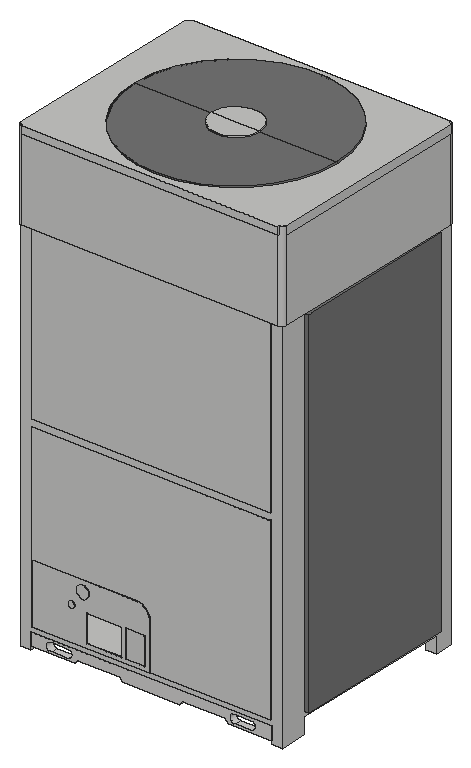
Revit family "Heat_Pump-Split_System-Outdoor-JCI-Single_Unit-6-16 _ton", category Mechanical Equipment, Revit 2014
Parameters (values of type "208v - 6 ton Cooling Capacity")
  Width = 30 1/2"
  Voltage = 208 V
  Visibility 2 = Total Cooling Capacity > 46891.4 VA  # no
  Visibility 1 = Total Cooling Capacity > 21101.1 VA  # no
  URL = "http://www.johnsoncontrols.com"
  Type Comments = "208v - 6 ton Cooling Capacity"
  Total Heating Capacity = 96000.0 Btu/h
  Total Cooling Capacity = 72000.0 Btu/h
  Shroud Radius = Shroud Diameter / 2  # 14 3/8"
  Shroud Diameter = if(and(Total Cooling Capacity < 45000 VA, Total Cooling Capacity > 21101.1 VA), 22", 28 3/4")  # 28 3/4"
  Refrigerant Used = "R410A"
  Product Page URL = ""
  Product Name = "(H,Y)VAHP072B32S"
  Product Documentation Link = ""
  Power Factor = 0.8
  Pipe Material = Metal - JCI - Brass SU
  Phase = 3
  Panel 2 Width = 15 9/32"  # constant formula
  Operating Weight = 516.00 lbf
  Offset = 0"
  Number of Poles = 2
  Model = Product Name  # "(H,Y)VAHP072B32S"
  Minimum Circuit Current = 29 A
  Maximum Overcurrent Protection = 40 A
  Manufacturer = "Johnson Controls Incorporated"
  Load Classification = HVAC
  Lid Height = 12.63"
  Length 9 [instance] = if(Clearance Zones, Clearance Top, 0")  # 0"
  Length 8 [instance] = if(Clearance Zones, Clearance Back, 0")  # 0"
  Length 7 [instance] = if(Clearance Zones, Clearance Front, 0")  # 0"
  Length 6 [instance] = if(Clearance Zones, Clearance Right, 0")  # 0"
  Length 5 [instance] = if(Clearance Zones, Clearance Left, 0")  # 0"
  Length 4 = Height - 1"  # 65 1/4"
  Length 3 = 5/32"
  Length 2 = 0.063"
  Length 15 = if(Visibility 2, Panel 2 Width + Length 3, 0")  # 0"
  Length 14 [instance] = KO 2 X Offset + KO 2 Width + 3/4"  # 18 7/16"
  Length 13 [instance] = 3"
  Length 12 [instance] = 1/4"
  Length 10 [instance] = KO Height / 2  # 1 31/32"
  Length 1 = 11/16"
  Length = 38 3/8"
  Leg Width = 1 1/2"
  KO Power X Offset 3 = 14 9/16"
  KO Power X Offset 2 = 12"
  KO Power X Offset 1 = 8 7/8"
  KO Controls X Offset = 7 5/16"
  KO Controls Radius = KO Controls Diameter / 2  # 7/16"
  KO Controls Diameter = 7/8"
  KO Power X Offset Label [instance] = if(Knockout Power 1, KO Power X Offset 1, if(Knockout Power 2, KO Power X Offset 2, if(Knockout Power 3, KO Power X Offset 3, 0")))  # 8 7/8"
  KO Power Radius [instance] = KO Power Diameter / 2  # 7/8"
  KO Power Diameter [instance] = if(Knockout Power 1, 1 3/4", if(Knockout Power 2, 1 3/8", 7/8"))  # 1 3/4"
  Knockout Power 3 [instance] = no
  Knockout Power 2 [instance] = no
  Knockout Power 1 [instance] = yes
  Length 11 [instance] = if(Knockout Bottom, 9 13/16", 9 15/16")  # 9 15/16"
  KO 2 X Offset = 14 15/16"
  KO Z Offset [instance] = if(Knockout Bottom, Base Height, 5 9/16")  # 5 9/16"
  KO Y Offset [instance] = if(Knockout Bottom, 4 5/16" + Length 10, 0")  # 0"
  Knockout Front [instance] = yes
  Knockout Bottom [instance] = not(Knockout Front)  # no
  KO 2 Width = 2 3/4"
  KO 1 X Offset = 9 7/16"
  KO 1 Width = 5"
  KO Height [instance] = if(Knockout Bottom, 3 1/8", 3 15/16")  # 3 15/16"
  Height = 66 1/4"
  Grille Material = Metal - JCI - Grille Square SU
  Frequency = 60 Hz
  Fan 2 X Offset [instance] = if(Visibility 1, Length / 4, Length)  # 38 3/8"
  Fan 1 X Offset [instance] = if(Visibility 1, Length / 4, 0")  # 0"
  Description = "Outdoor Unit Variable Refrigerant Flow"
  DX Liquid Z Offset = 10 11/32"
  DX Liquid Y Offset = 5 3/16"
  DX Liquid X Offset = 10 3/8"
  DX Liquid Radius = DX Liquid Diameter / 2  # 1/4"
  DX Liquid Diameter = 1/2"
  DX Gas Z Offset = 6 25/32"
  DX Gas Y Offset = 5 31/32"
  DX Gas X Offset = 13 1/16"
  DX Gas Radius = DX Gas Diameter / 2  # 7/16"
  DX Gas Diameter = 7/8"
  Copyright © = "Copyright © 2001-2017 Johnson Controls"  # constant formula
  Clearance Zones [instance] = no
  Clearance Top = 59 1/2"
  Clearance Right = 7 7/8"
  Clearance Material = Clearance Zones
  Clearance Left = 7 7/8"
  Clearance Front = 19 11/16"
  Clearance Back = 11 13/16"
  Body Material = Paint - JCI - Silky Shade SU
  Body Inset = 5/16"
  Base Material = Metal - JCI - Base Steel SU
  Base Height = 2.31"
  Assembly Code = "D3030200"
  Apparent Load = Voltage * Minimum Circuit Current / Power Factor  # 7540 VA
  Angle 2 [instance] = if(Knockout Front, 90.00°, 180.00°)  # 90.00°
  Angle 1 [instance] = if(Knockout Front, 90.00°, 0.00°)  # 90.00°
Reference planes (in)
  plane 1 "Center (Front/Back)": y = 0
  plane 2: z = 0
  plane 3 "Center (Left/Right)": x = 0
  plane 4 "Left": x = -19.1875
  plane 5 "Right": x = 19.1875
  plane 6 "Back": y = 15.25
  plane 7 "Front": y = -15.25
  plane 8 "lid left": x = -18.875
  plane 9 "lid right": x = 18.875
  plane 10 "Bottom": z = 0
  plane 11 "Top": z = 66.25
  plane 12 "base top": z = 2.31
  plane 13 "lid bottom": z = 53.62
  plane 14 "front leg inside": y = -11.09375
  plane 15 "back leg inside": y = 12.34375
  plane 16 "lid top": z = 66.187
  plane 17: z = 65.187
  plane 18 "body left": x = -18.5625
  plane 19 "body right": x = 18.5625
  plane 20 "body back": y = 14.9375
  plane 21 "body front": y = -14.9375
  plane 22 "left leg inside": x = -17.0625
  plane 23 "right leg inside": x = 17.0625
  plane 24 "panel bottom": z = 3.02875
  plane 25 "panel front": y = -15.0005
  plane 26: x = -2.375
  plane 27: x = 2.375
  plane 28: y = -6.09375
  plane 29 "fan 1 x cl": x = 0
  plane 30 "fan 2 x cl": x = 38.375
  plane 31 "fan top": z = 66.5
  plane 32 "detail panel right": x = -0.125
  plane 33 "detail panel top": z = 11.4975
  plane 34 "clearance back": y = 15.25
  plane 35 "clearance front": y = -15.25
  plane 36 "clearance left": x = -19.1875
  plane 37 "clearance right": x = 19.1875
  plane 38 "clearance top": z = 66.25
  plane 39: z = 46.39268
  plane 40: z = 39.16536
  plane 41: z = 31.93804
  plane 42: z = 24.71071
  plane 43: z = 17.48339
  plane 44: z = 10.25607
  plane 45: x = 5.3125
  plane 46: x = 8.25
  plane 47: x = 11.1875
  plane 48: x = 14.125
  plane 49: x = -14.125
  plane 50: x = -11.1875
  plane 51: x = -8.25
  plane 52: x = -5.3125
  plane 53: y = 6.19792
  plane 54: y = 0.05208
  plane 55: y = -5.23438
  plane 56: y = 0.625
  plane 57: y = 6.48437
  plane 58 "dx liquid x cl": x = -8.1875
  plane 59 "dx gas discharge x cl": x = -5.5
  plane 60 "dx liquid y cl": y = -10.0625
  plane 61 "dx gas y cl": y = -9.28125
  plane 62 "dx gas z bottom": z = 6.78125
  plane 63 "dx liquid z bottom": z = 10.34375
  plane 64 "ko mech y cl": y = -15.25
  plane 65 "ko z cl": z = 5.5625
  plane 66 "ko power y cl": y = -15
  plane 67 "dummy": z = 9.9375
  plane 68 "pane 2 left": x = 1.625
  plane 69: x = 16.90625
  plane 70 "front dummy": y = -15.25
Forms (in)
  Extrusion 1, solid, material "Paint - JCI - Silky Shade SU" <- "Body Material", detail levels medium+fine
    sketch origin (0, 0, 0) x (1, 0, 0) y (0, 1, 0)
      loop
        arc (-18.1245, 15.187) -> (-18.61064, 14.98564) -> (-18.812, 14.4995) r 0.6875
        line (-18.812, 14.4995) -> (-18.812, -14.4995)
        arc (-18.812, -14.4995) -> (-18.61064, -14.98564) -> (-18.1245, -15.187) r 0.6875
        line (-18.1245, -15.187) -> (18.1245, -15.187)
        arc (18.1245, -15.187) -> (18.61064, -14.98564) -> (18.812, -14.4995) r 0.6875
        line (18.812, -14.4995) -> (18.812, 14.4995)
        arc (18.812, 14.4995) -> (18.61064, 14.98564) -> (18.1245, 15.187) r 0.6875
        line (18.1245, 15.187) -> (-18.1245, 15.187)
    from 53.62 to 66.187
  Extrusion 2, solid, material "Paint - JCI - Silky Shade SU" <- "Body Material", detail levels fine
    sketch origin (0, 0, 0) x (1, 0, 0) y (0, 1, 0)
      loop
        line (-18.875, -14.5625) -> (-18.74632, -14.5625)
        arc (-18.74632, -14.5625) -> (-18.56644, -14.94144) -> (-18.1875, -15.12132) r 0.625
        line (-18.1875, -15.12132) -> (-18.1875, -15.25) -> (18.1875, -15.25) -> (18.1875, -15.12132)
        arc (18.1875, -15.12132) -> (18.56644, -14.94144) -> (18.74632, -14.5625) r 0.625
        line (18.74632, -14.5625) -> (18.875, -14.5625) -> (18.875, 14.5625) -> (18.74632, 14.5625)
        arc (18.74632, 14.5625) -> (18.56644, 14.94144) -> (18.1875, 15.12132) r 0.625
        line (18.1875, 15.12132) -> (18.1875, 15.25) -> (-18.1875, 15.25) -> (-18.1875, 15.12132)
        arc (-18.1875, 15.12132) -> (-18.56644, 14.94144) -> (-18.74632, 14.5625) r 0.625
        line (-18.74632, 14.5625) -> (-18.875, 14.5625) -> (-18.875, -14.5625)
    from 66.25 to 65.187
  Extrusion 3, solid, material "Paint - JCI - Silky Shade SU" <- "Body Material", detail levels medium+fine
    sketch origin (0, 0, 0) x (0, 1, 0) y (0, 0, 1)
      loop
        line (-14.9375, 53.62) -> (-14.9375, 0) -> (-11.09375, 0) -> (-11.09375, 2.31) -> (12.34375, 2.31) -> (12.34375, 0) -> (14.9375, 0) -> (14.9375, 53.62) -> (-14.9375, 53.62)
    from -18.5625 to 18.5625
  Extrusion 4, void
    sketch origin (0, 0, 0) x (1, 0, 0) y (0, 1, 0)
      loop
        line (-17.0625, 15.25) -> (-17.0625, -15.25) -> (17.0625, -15.25) -> (17.0625, 15.25) -> (-17.0625, 15.25)
    from 0 to 2.31
  Extrusion 5, solid, material "Metal - JCI - Base Steel SU" <- "Base Material", detail levels fine
    sketch origin (0, -14.9375, 0) x (-1, 0, 0) y (0, 0, 1)
      loop
        line (17.0625, 2.31) -> (-17.0625, 2.31) -> (-17.0625, 0.46875) -> (-10.90625, 0.46875) -> (-10.40625, 0.96875) -> (-4.5, 0.96875) -> (-4, 0.46875) -> (4, 0.46875) -> (4.5, 0.96875) -> (10.40625, 0.96875) -> (10.90625, 0.46875) -> (17.0625, 0.46875) -> (17.0625, 2.31)
      loop
        line (14.1875, 1.95679) -> (11.8125, 1.95679)
        arc (11.8125, 1.95679) -> (11.1875, 1.33179) -> (11.8125, 0.70679) r 0.625
        line (11.8125, 0.70679) -> (14.1875, 0.70679)
        arc (14.1875, 0.70679) -> (14.8125, 1.33179) -> (14.1875, 1.95679) r 0.625
      loop
        arc (-14.1875, 1.95679) -> (-14.8125, 1.33179) -> (-14.1875, 0.70679) r 0.625
        line (-14.1875, 0.70679) -> (-11.8125, 0.70679)
        arc (-11.8125, 0.70679) -> (-11.1875, 1.33179) -> (-11.8125, 1.95679) r 0.625
        line (-11.8125, 1.95679) -> (-14.1875, 1.95679)
    from 0 to 1
  Extrusion 6, solid, material "Metal - JCI - Base Steel SU" <- "Base Material", detail levels fine
    sketch origin (0, 14.9375, 0) x (-1, 0, 0) y (0, 0, 1)
      loop
        line (10.40625, 0.96875) -> (10.90625, 0.46875) -> (17.0625, 0.46875) -> (17.0625, 2.31) -> (-17.0625, 2.31) -> (-17.0625, 0.46875) -> (-10.90625, 0.46875) -> (-10.40625, 0.96875) -> (-4.5, 0.96875) -> (-4, 0.46875) -> (4, 0.46875) -> (4.5, 0.96875) -> (10.40625, 0.96875)
      loop
        line (11.8125, 0.70679) -> (14.1875, 0.70679)
        arc (14.1875, 0.70679) -> (14.8125, 1.33179) -> (14.1875, 1.95679) r 0.625
        line (14.1875, 1.95679) -> (11.8125, 1.95679)
        arc (11.8125, 1.95679) -> (11.1875, 1.33179) -> (11.8125, 0.70679) r 0.625
      loop
        line (-11.8125, 1.95679) -> (-14.1875, 1.95679)
        arc (-14.1875, 1.95679) -> (-14.8125, 1.33179) -> (-14.1875, 0.70679) r 0.625
        line (-14.1875, 0.70679) -> (-11.8125, 0.70679)
        arc (-11.8125, 0.70679) -> (-11.1875, 1.33179) -> (-11.8125, 1.95679) r 0.625
    from 0 to -1
  Extrusion 7, solid, material "Paint - JCI - Silky Shade SU" <- "Body Material", detail levels fine
    sketch origin (0, -14.9375, 0) x (-1, 0, 0) y (0, 0, 1)
      loop
        line (16.90625, 53.62) -> (-16.90625, 53.62) -> (-16.90625, 29.40125) -> (16.90625, 29.40125) -> (16.90625, 53.62)
      loop
        line (16.90625, 28.37) -> (-16.90625, 28.37) -> (-16.90625, 3.02875) -> (0.0625, 3.02875) -> (0.0625, 9.4975)
        arc (0.0625, 9.4975) -> (0.66659, 10.95591) -> (2.125, 11.56) r 2.0625
        line (2.125, 11.56) -> (16.90625, 11.56) -> (16.90625, 28.37)
      loop
        line (16.90625, 3.02875) -> (16.90625, 11.4975) -> (2.125, 11.4975)
        arc (2.125, 11.4975) -> (0.71079, 10.91171) -> (0.125, 9.4975) r 2
        line (0.125, 9.4975) -> (0.125, 3.02875) -> (16.90625, 3.02875)
    from 0 to -0.063
  Extrusion 8, solid, material "Metal - JCI - Grille Square SU" <- "Grille Material", detail levels medium+fine
    sketch origin (0, 0, 0) x (1, 0, 0) y (0, 1, 0)
      loop
        line (-19.1875, 12.34375) -> (-19.1875, -6.09375) -> (-17.35479, -6.09375) -> (-17.35479, -5.09375) -> (0, -5.09375) -> (0, -11.09375) -> (19.1875, -11.09375) -> (19.1875, 12.34375) -> (17.0625, 12.34375) -> (17.0625, 15.25) -> (2.375, 15.25) -> (2.375, 12.34375) -> (-2.375, 12.34375) -> (-2.375, 15.25) -> (-17.0625, 15.25) -> (-17.0625, 12.34375) -> (-19.1875, 12.34375)
    from 3.02875 to 53.62
  Extrusion 9, void
    sketch origin (0, 0, 0) x (1, 0, 0) y (0, 1, 0)
      loop
        circle (0, 0) r 14.375
      loop
        circle (38.375, 0) r 14.375
    from 65.187 to 66.25
  Extrusion 10, solid, detail levels coarse
    sketch origin (0, 0, 0) x (1, 0, 0) y (0, 1, 0)
      loop
        line (-19.1875, 15.25) -> (-19.1875, -15.25) -> (19.1875, -15.25) -> (19.1875, 15.25) -> (-19.1875, 15.25)
    from 0 to 66.5
  Extrusion 11, solid, material "Clearance Zones" <- "Clearance Material", visible <- "Clearance Zones"
    sketch origin (0, 0, 53.62) x (-1, 0, 0) y (0, -1, 0)
      loop
        line (19.1875, -15.25) -> (19.1875, 15.25) -> (-19.1875, 15.25) -> (-19.1875, -15.25) -> (19.1875, -15.25)
    from -53.62 to 12.63
  Extrusion 12, void
    sketch origin (0, 15.25, 0) x (-1, 0, 0) y (0, 0, 1)
      loop
        line (16.90625, 11.4975) -> (0.125, 11.4975) -> (0.125, 3.02875) -> (16.90625, 3.02875) -> (16.90625, 11.4975)
    from -30.1875 to -21.34375
  Extrusion 13, solid, material "Metal - JCI - Brass SU" <- "Pipe Material", detail levels medium+fine
    sketch origin (0, 0, 53.62) x (-1, 0, 0) y (0, -1, 0)
      loop
        circle (5.5, 9.28125) r 0.4375
    from -46.83875 to -42.1225
  Extrusion 14, solid, material "Metal - JCI - Brass SU" <- "Pipe Material", detail levels medium+fine
    sketch origin (0, 0, 53.62) x (-1, 0, 0) y (0, -1, 0)
      loop
        circle (8.1875, 10.0625) r 0.25
    from -42.1225 to -43.27625
  Extrusion 15, void
    sketch origin (-18.5625, -15.25, 5.5625) x (0, 0, 1) y (1, 0, 0)
      loop
        line (1.96875, 9.4375) -> (1.96875, 14.4375) -> (-1.96875, 14.4375) -> (-1.96875, 9.4375) -> (1.96875, 9.4375)
      loop
        line (1.96875, 14.9375) -> (1.96875, 17.6875) -> (-1.96875, 17.6875) -> (-1.96875, 14.9375) -> (1.96875, 14.9375)
      loop
        line (1.9375, 14.96875) -> (1.9375, 17.65625) -> (-1.9375, 17.65625) -> (-1.9375, 14.96875) -> (1.9375, 14.96875)
    from 9 to -1
  Extrusion 16, solid, material "Paint - JCI - Silky Shade SU" <- "Body Material", detail levels medium+fine
    sketch origin (-38.06929, -15.0005, 48) x (-1, 0, 0) y (0, 0, 1)
      loop
        circle (-26.81929, -40.1875) r 0.4375
      loop
        circle (-28.38179, -38.0625) r 0.875
    from 0 to 1
  Extrusion 17, solid, material "Paint - JCI - Silky Shade SU" <- "Body Material", visible <- "Visibility 2", detail levels medium+fine
    sketch origin (0, -14.9375, 0) x (-1, 0, 0) y (0, 0, 1)
      loop
        line (-1.625, 53.62) -> (-16.90625, 53.62) -> (-16.90625, 3.02875) -> (-1.625, 3.02875) -> (-1.625, 53.62)
    from 0 to -0.0625
Cuts and joins
  Extrusion 4, Extrusion 12, Extrusion 15 cuts Extrusion 3
  Extrusion 9 cuts Extrusion 2
  Extrusion 9 cuts Extrusion 1
  Extrusion 15 cuts Extrusion 7
Lines and regions (in)
  Masking region 1, detail levels coarse
    outline origin (0, 0, 53.62) x (-1, 0, 0) y (0, -1, 0)
      loop
        line (19.1875, -15.25) -> (19.1875, 15.25) -> (-19.1875, 15.25) -> (-19.1875, -15.25) -> (19.1875, -15.25)
  Masking region 2, detail levels medium+fine
    outline origin (0, 0, 53.62) x (-1, 0, 0) y (0, -1, 0)
      loop
        line (19.1875, 6.09375) -> (18.875, 6.09375) -> (18.875, 14.5625) -> (18.80911, 14.5625)
        arc (18.80911, 14.5625) -> (18.61064, 14.98564) -> (18.1875, 15.18411) r 0.6875
        line (18.1875, 15.18411) -> (18.1875, 15.25) -> (-18.1875, 15.25) -> (-18.1875, 15.18411)
        arc (-18.1875, 15.18411) -> (-18.61064, 14.98564) -> (-18.80911, 14.5625) r 0.6875
        line (-18.80911, 14.5625) -> (-18.875, 14.5625) -> (-18.875, 11.09375) -> (-19.1875, 11.09375) -> (-19.1875, -12.34375) -> (-18.875, -12.34375) -> (-18.875, -14.5625) -> (-18.80911, -14.5625)
        arc (-18.80911, -14.5625) -> (-18.61064, -14.98564) -> (-18.1875, -15.18411) r 0.6875
        line (-18.1875, -15.18411) -> (-18.1875, -15.25) -> (18.1875, -15.25) -> (18.1875, -15.18411)
        arc (18.1875, -15.18411) -> (18.61064, -14.98564) -> (18.80911, -14.5625) r 0.6875
        line (18.80911, -14.5625) -> (18.875, -14.5625) -> (18.875, -12.34375) -> (19.1875, -12.34375) -> (19.1875, 6.09375)
  Masking region 3, detail levels coarse
    outline origin (0, 0, 0) x (1, 0, 0) y (0, 0, 1)
      loop
        line (-19.1875, 66.5) -> (-19.1875, 0) -> (19.1875, 0) -> (19.1875, 66.5) -> (-19.1875, 66.5)
  Masking region 4, detail levels medium+fine
    outline origin (0, 0, 0) x (1, 0, 0) y (0, 0, 1)
      loop
        line (-18.812, 53.62) -> (-19.1875, 53.62) -> (-19.1875, 3.02875) -> (-18.5625, 3.02875) -> (-18.5625, 0) -> (-17.0625, 0) -> (-17.0625, 2.31) -> (17.0625, 2.31) -> (17.0625, 0) -> (18.5625, 0) -> (18.5625, 3.02875) -> (19.1875, 3.02875) -> (19.1875, 53.62) -> (18.812, 53.62) -> (18.812, 66.25) -> (-18.812, 66.25) -> (-18.812, 53.62)
  Masking region 5, detail levels fine
    outline origin (0, 0, 0) x (1, 0, 0) y (0, 0, 1)
      loop
        line (-18.875, 66.25) -> (-18.875, 65.187) -> (-18.74632, 65.187) -> (-18.74632, 66.187) -> (-18.1875, 66.187) -> (-18.1875, 65.187) -> (18.1875, 65.187) -> (18.1875, 66.187) -> (18.74632, 66.187) -> (18.74632, 65.187) -> (18.875, 65.187) -> (18.875, 66.25) -> (14.375, 66.25) -> (14.375, 66.5) -> (-14.375, 66.5) -> (-14.375, 66.25) -> (-18.875, 66.25)
      loop
        line (-10.40625, 0.96875) -> (-4.5, 0.96875) -> (-4, 0.46875) -> (4, 0.46875) -> (4.5, 0.96875) -> (10.40625, 0.96875) -> (10.90625, 0.46875) -> (17.0625, 0.46875) -> (17.0625, 2.31) -> (-17.0625, 2.31) -> (-17.0625, 0.46875) -> (-10.90625, 0.46875) -> (-10.40625, 0.96875)
      loop
        arc (-14.1875, 1.95679) -> (-14.8125, 1.33179) -> (-14.1875, 0.70679) r 0.625
        line (-14.1875, 0.70679) -> (-11.8125, 0.70679)
        arc (-11.8125, 0.70679) -> (-11.1875, 1.33179) -> (-11.8125, 1.95679) r 0.625
        line (-11.8125, 1.95679) -> (-14.1875, 1.95679)
      loop
        arc (11.8125, 1.95679) -> (11.1875, 1.33179) -> (11.8125, 0.70679) r 0.625
        line (11.8125, 0.70679) -> (14.1875, 0.70679)
        arc (14.1875, 0.70679) -> (14.8125, 1.33179) -> (14.1875, 1.95679) r 0.625
        line (14.1875, 1.95679) -> (11.8125, 1.95679)
  Masking region 6, detail levels coarse
    outline origin (0, 0, 0) x (0, 1, 0) y (0, 0, 1)
      loop
        line (15.25, 66.5) -> (-15.25, 66.5) -> (-15.25, 0) -> (15.25, 0) -> (15.25, 66.5)
  Masking region 7, detail levels medium+fine
    outline origin (0, 0, 0) x (0, 1, 0) y (0, 0, 1)
      loop
        line (15.187, 53.62) -> (15.187, 66.25) -> (-15.187, 66.25) -> (-15.187, 53.62) -> (-14.9375, 53.62) -> (-14.9375, 0) -> (-11.09375, 0) -> (-11.09375, 2.31) -> (12.34375, 2.31) -> (12.34375, 0) -> (14.9375, 0) -> (14.9375, 3.02875) -> (15.25, 3.02875) -> (15.25, 53.62) -> (15.187, 53.62)
  Masking region 8, detail levels fine
    outline origin (19.1875, 0, 0) x (0, 1, 0) y (0, 0, 1)
      loop
        line (-14.9375, 3.02875) -> (-14.9375, 53.62) -> (-15.0005, 53.62) -> (-15.0005, 3.02875) -> (-14.9375, 3.02875)
      loop
        line (-15.25, 66.25) -> (-15.25, 65.187) -> (-15.187, 65.187) -> (-15.187, 66.187) -> (-14.5625, 66.187) -> (-14.5625, 65.187) -> (14.5625, 65.187) -> (14.5625, 66.187) -> (15.187, 66.187) -> (15.187, 65.187) -> (15.25, 65.187) -> (15.25, 66.25) -> (14.375, 66.25) -> (14.375, 66.5) -> (-14.375, 66.5) -> (-14.375, 66.25) -> (-15.25, 66.25)
  Masking region 9, visible <- "Visibility 1", detail levels fine
    outline origin (0, -14.9375, 0) x (-1, 0, 0) y (0, 0, 1)
      loop
        line (-24, 66.5) -> (-52.75, 66.5) -> (-52.75, 66.25) -> (-24, 66.25) -> (-24, 66.5)
  symbolic lines, style "Clearance Zones", visible <- "Clearance Zones"
    curve 1: line (-19.1875, 15.25, 53.62) -> (19.1875, 15.25, 53.62)
    curve 2: line (-19.1875, -15.25, 53.62) -> (-19.1875, 15.25, 53.62)
    curve 3: line (19.1875, -15.25, 53.62) -> (-19.1875, -15.25, 53.62)
    curve 4: line (19.1875, 15.25, 53.62) -> (19.1875, -15.25, 53.62)
    curve 5: line (-19.1875, 0, 66.25) -> (19.1875, 0, 66.25)
    curve 6: line (-19.1875, 0, 0) -> (-19.1875, 0, 66.25)
    curve 7: line (19.1875, 0, 0) -> (-19.1875, 0, 0)
    curve 8: line (19.1875, 0, 66.25) -> (19.1875, 0, 0)
    curve 9: line (0, 15.25, 66.25) -> (0, -15.25, 66.25)
    curve 10: line (0, 15.25, 0) -> (0, 15.25, 66.25)
    curve 11: line (0, -15.25, 0) -> (0, 15.25, 0)
    curve 12: line (0, -15.25, 66.25) -> (0, -15.25, 0)
  symbolic lines, detail levels medium+fine
    curve 13: line (-18.875, 12.34375, 53.62) -> (-18.875, -6.09375, 53.62)
    curve 14: line (18.875, 12.34375, 53.62) -> (18.875, -11.09375, 53.62)
    curve 16: line (-18.5625, 0, 53.62) -> (-18.5625, 0, 3.02875)
    curve 17: line (-18.812, 0, 53.62) -> (18.812, 0, 53.62)
    curve 18: line (18.5625, 0, 53.62) -> (18.5625, 0, 3.02875)
    curve 39: line (-17.0625, 15.25, 3.02875) -> (-17.0625, 15.25, 53.62)
    curve 40: line (-2.375, 15.25, 3.02875) -> (-17.0625, 15.25, 3.02875)
    curve 41: line (-2.375, 15.25, 53.62) -> (-2.375, 15.25, 3.02875)
    curve 42: line (2.375, 15.25, 3.02875) -> (2.375, 15.25, 53.62)
    curve 43: line (17.0625, 15.25, 3.02875) -> (2.375, 15.25, 3.02875)
    curve 44: line (17.0625, 15.25, 53.62) -> (17.0625, 15.25, 3.02875)
    curve 45: line (2.375, 15.25, 46.39268) -> (17.0625, 15.25, 46.39268)
    curve 46: line (2.375, 15.25, 39.16536) -> (17.0625, 15.25, 39.16536)
    curve 47: line (2.375, 15.25, 31.93804) -> (17.0625, 15.25, 31.93804)
    curve 48: line (2.375, 15.25, 24.71071) -> (17.0625, 15.25, 24.71071)
    curve 49: line (2.375, 15.25, 17.48339) -> (17.0625, 15.25, 17.48339)
    curve 50: line (2.375, 15.25, 10.25607) -> (17.0625, 15.25, 10.25607)
    curve 51: line (5.3125, 15.25, 53.62) -> (5.3125, 15.25, 3.02875)
    curve 52: line (8.25, 15.25, 53.62) -> (8.25, 15.25, 3.02875)
    curve 53: line (11.1875, 15.25, 53.62) -> (11.1875, 15.25, 3.02875)
    curve 54: line (14.125, 15.25, 53.62) -> (14.125, 15.25, 3.02875)
    curve 55: line (-17.0625, 15.25, 46.39268) -> (-2.375, 15.25, 46.39268)
    curve 56: line (-17.0625, 15.25, 39.16536) -> (-2.375, 15.25, 39.16536)
    curve 57: line (-17.0625, 15.25, 31.93804) -> (-2.375, 15.25, 31.93804)
    curve 58: line (-2.375, 15.25, 24.71071) -> (-17.0625, 15.25, 24.71071)
    curve 59: line (-17.0625, 15.25, 17.48339) -> (-2.375, 15.25, 17.48339)
    curve 60: line (-17.0625, 15.25, 10.25607) -> (-2.375, 15.25, 10.25607)
    curve 61: line (-14.125, 15.25, 53.62) -> (-14.125, 15.25, 3.02875)
    curve 62: line (-11.1875, 15.25, 53.62) -> (-11.1875, 15.25, 3.02875)
    curve 63: line (-8.25, 15.25, 53.62) -> (-8.25, 15.25, 3.02875)
    curve 64: line (-5.3125, 15.25, 53.62) -> (-5.3125, 15.25, 3.02875)
    curve 65: line (0, 15.187, 53.62) -> (0, -15.187, 53.62)
    curve 66: line (0, 14.9375, 53.62) -> (0, 14.9375, 3.02875)
    curve 67: line (-19.1875, 12.34375, 3.02875) -> (-19.1875, 12.34375, 53.62)
    curve 68: line (-19.1875, -6.09375, 3.02875) -> (-19.1875, 12.34375, 3.02875)
    curve 69: line (-19.1875, -6.09375, 53.62) -> (-19.1875, -6.09375, 3.02875)
    curve 70: line (-19.1875, 6.19792, 53.62) -> (-19.1875, 6.19792, 3.02875)
    curve 71: line (-19.1875, 0.05208, 53.62) -> (-19.1875, 0.05208, 3.02875)
    curve 72: line (-19.1875, 12.34375, 46.39268) -> (-19.1875, -6.09375, 46.39268)
    curve 73: line (-19.1875, 12.34375, 39.16536) -> (-19.1875, -6.09375, 39.16536)
    curve 74: line (-19.1875, 12.34375, 31.93804) -> (-19.1875, -6.09375, 31.93804)
    curve 75: line (-19.1875, 12.34375, 24.71071) -> (-19.1875, -6.09375, 24.71071)
    curve 76: line (-19.1875, 12.34375, 17.48339) -> (-19.1875, -6.09375, 17.48339)
    curve 77: line (-19.1875, 12.34375, 10.25607) -> (-19.1875, -6.09375, 10.25607)
    curve 78: line (19.1875, -11.09375, 53.62) -> (19.1875, -11.09375, 3.02875)
    curve 79: line (19.1875, -11.09375, 3.02875) -> (19.1875, 12.34375, 3.02875)
    curve 80: line (19.1875, -11.09375, 10.25607) -> (19.1875, 12.34375, 10.25607)
    curve 81: line (19.1875, -11.09375, 17.48339) -> (19.1875, 12.34375, 17.48339)
    curve 82: line (19.1875, -11.09375, 24.71071) -> (19.1875, 12.34375, 24.71071)
    curve 83: line (19.1875, -11.09375, 31.93804) -> (19.1875, 12.34375, 31.93804)
    curve 84: line (19.1875, -11.09375, 39.16536) -> (19.1875, 12.34375, 39.16536)
    curve 85: line (19.1875, -11.09375, 46.39268) -> (19.1875, 12.34375, 46.39268)
    curve 86: line (19.1875, -5.23438, 53.62) -> (19.1875, -5.23438, 3.02875)
    curve 87: line (19.1875, 0.625, 53.62) -> (19.1875, 0.625, 3.02875)
    curve 88: line (19.1875, 6.48437, 53.62) -> (19.1875, 6.48437, 3.02875)
    curve 89: line (19.1875, -14.375, 66.25) -> (19.1875, 14.375, 66.25)
    curve 92: circle (-11.25, -14.9375, 7.8125) r 0.4375 normal (0, 1, 0)
    curve 101: circle (-9.6875, -14.9375, 9.9375) r 0.875 normal (0, 1, 0)
  symbolic lines, detail levels fine
    curve 15: line (-14.375, 0, 66.25) -> (14.375, 0, 66.25)
    curve 19: line (-16.90625, -15.25, 3.02875) -> (-0.125, -15.25, 3.02875)
    curve 20: line (-0.125, -15.25, 3.02875) -> (-0.125, -15.25, 9.4975)
    curve 21: arc (-0.125, -15.25, 9.4975) -> (-0.71079, -15.25, 10.91171) -> (-2.125, -15.25, 11.4975) r 2
    curve 22: line (-2.125, -15.25, 11.4975) -> (-16.90625, -15.25, 11.4975)
    curve 23: line (-16.90625, -15.25, 11.4975) -> (-16.90625, -15.25, 3.02875)
    curve 24: line (-0.0625, -15.25, 3.02875) -> (16.90625, -15.25, 3.02875)
    curve 25: line (16.90625, -15.25, 3.02875) -> (16.90625, -15.25, 28.37)
    curve 26: line (16.90625, -15.25, 28.37) -> (-16.90625, -15.25, 28.37)
    curve 27: line (-16.90625, -15.25, 28.37) -> (-16.90625, -15.25, 11.56)
    curve 28: line (-16.90625, -15.25, 11.56) -> (-2.125, -15.25, 11.56)
    curve 29: arc (-2.125, -15.25, 11.56) -> (-0.66659, -15.25, 10.95591) -> (-0.0625, -15.25, 9.4975) r 2.0625
    curve 30: line (-0.0625, -15.25, 9.4975) -> (-0.0625, -15.25, 3.02875)
    curve 31: line (-16.90625, -15.25, 29.40125) -> (16.90625, -15.25, 29.40125)
    curve 32: line (16.90625, -15.25, 29.40125) -> (16.90625, -15.25, 53.62)
    curve 33: line (16.90625, -15.25, 53.62) -> (-16.90625, -15.25, 53.62)
    curve 34: line (-16.90625, -15.25, 53.62) -> (-16.90625, -15.25, 29.40125)
    curve 35: line (16.90625, -15.25, 53.62) -> (1.625, -15.25, 53.62)
    curve 37: line (1.625, -15.25, 3.02875) -> (16.90625, -15.25, 3.02875)
  symbolic lines, visible <- "Visibility 2", detail levels fine
    curve 36: line (1.625, -15.25, 53.62) -> (1.625, -15.25, 3.02875)
    curve 38: line (16.90625, -15.25, 3.02875) -> (16.90625, -15.25, 53.62)
  reference lines, not visible
    curve 90: line (-18.5625, -15.25, 5.5625) -> (-18.5625, -15.25, 7.53125)
    curve 91: line (-18.5625, -15, 0) -> (-18.5625, -15, 9.9375)
  symbolic lines, visible <- "Knockout Front", detail levels medium+fine
    curve 93: line (-9.125, -14.9375, 7.53125) -> (-4.125, -14.9375, 7.53125)
    curve 94: line (-4.125, -14.9375, 7.53125) -> (-4.125, -14.9375, 3.59375)
    curve 95: line (-4.125, -14.9375, 3.59375) -> (-9.125, -14.9375, 3.59375)
    curve 96: line (-9.125, -14.9375, 3.59375) -> (-9.125, -14.9375, 7.53125)
    curve 97: line (-3.625, -14.9375, 7.53125) -> (-0.875, -14.9375, 7.53125)
    curve 98: line (-0.875, -14.9375, 7.53125) -> (-0.875, -14.9375, 3.59375)
    curve 99: line (-0.875, -14.9375, 3.59375) -> (-3.625, -14.9375, 3.59375)
    curve 100: line (-3.625, -14.9375, 3.59375) -> (-3.625, -14.9375, 7.53125)
Dimensions and locks (in)
  equal spacing: plane 4 "Left", plane 3 "Center (Left/Right)", plane 5 "Right"
  "Length": plane 4 "Left" to plane 5 "Right"
  equal spacing: plane 6 "Back", plane 1 "Center (Front/Back)", plane 7 "Front"
  "Width": plane 6 "Back" to plane 7 "Front"
  locked: plane 4 "Left" to plane 8 "lid left" at 0.3125
  locked: plane 9 "lid right" to plane 5 "Right" at 0.3125
  "Height": plane 11 "Top" to plane 10 "Bottom"
  "Base Height": plane 12 "base top" to plane 10 "Bottom"
  "Offset": plane 10 "Bottom" to level
  "Lid Height": plane 11 "Top" to plane 13 "lid bottom"
  locked: plane 6 "Back" to plane 15 "back leg inside" at 2.90625
  locked: plane 14 "front leg inside" to plane 7 "Front" at 4.15625
  "Length 2": Extrusion 1 sketch curve to plane 6 "Back"
  "Length 2": Extrusion 1 sketch curve to plane 7 "Front"
  "Length 2": plane 8 "lid left" to Extrusion 1 sketch curve
  "Length 2": Extrusion 1 sketch curve to plane 9 "lid right"
  "Length 2": plane 11 "Top" to plane 16 "lid top"
  "Length 1": Extrusion 2 sketch curve to Extrusion 2 sketch curve  (x4)
  locked: plane 16 "lid top" to plane 17 at 1
  "Body Inset": plane 8 "lid left" to plane 18 "body left"
  "Body Inset": plane 19 "body right" to plane 9 "lid right"
  "Body Inset": plane 6 "Back" to plane 20 "body back"
  "Body Inset": plane 21 "body front" to plane 7 "Front"
  "Leg Width": plane 18 "body left" to plane 22 "left leg inside"
  "Leg Width": plane 23 "right leg inside" to plane 19 "body right"
  locked: Extrusion 5 sketch curve to plane 10 "Bottom" at 0.46875
  locked: Extrusion 5 sketch curve to Extrusion 5 sketch curve at 6.15625  (x2)
  locked: Extrusion 5 sketch curve to Extrusion 5 sketch curve at 0.5  (x2)
  locked: Extrusion 5 sketch curve to plane 18 "body left" at 4.375
  locked: Extrusion 5 sketch curve to plane 18 "body left" at 6.75
  equal spacing: Extrusion 5 sketch curve, plane 3 "Center (Left/Right)", Extrusion 5 sketch curve
  locked: plane 3 "Center (Left/Right)" to Extrusion 5 sketch curve at 4
  locked: plane 19 "body right" to Extrusion 5 sketch curve at 4.375
  locked: plane 19 "body right" to Extrusion 5 sketch curve at 6.75
  locked: Extrusion 5 sketch curve to plane 10 "Bottom" at 1.33179  (x2)
  locked: plane 24 "panel bottom" to plane 12 "base top" at 0.71875
  locked: Extrusion 7 sketch curve to Extrusion 7 sketch curve at 1.03125
  "Length 3": Extrusion 7 sketch curve to plane 22 "left leg inside"
  locked: Extrusion 7 sketch curve to Extrusion 7 sketch curve at 24.21875
  "Length 2": plane 21 "body front" to plane 25 "panel front"
  equal spacing: plane 26, plane 3 "Center (Left/Right)", plane 27
  locked: plane 26 to plane 3 "Center (Left/Right)" at 2.375
  locked: plane 28 to plane 14 "front leg inside" at 5
  locked: plane 31 "fan top" to plane 11 "Top" at 0.25
  "Length 14": plane 32 "detail panel right" to plane 18 "body left"
  locked: plane 33 "detail panel top" to plane 24 "panel bottom" at 8.46875
  locked: Extrusion 7 sketch curve to Extrusion 7 sketch curve at 0.0625  (x2)
  "Length 5": plane 36 "clearance left" to plane 4 "Left"
  "Length 6": plane 5 "Right" to plane 37 "clearance right"
  "Length 8": plane 34 "clearance back" to plane 6 "Back"
  "Length 7": plane 70 "front dummy" to plane 35 "clearance front"
  "Length 9": plane 38 "clearance top" to plane 11 "Top"
  equal spacing: Masking region 5 sketch curve, plane 29 "fan 1 x cl", Masking region 5 sketch curve
  "Shroud Diameter": Masking region 5 sketch curve to Masking region 5 sketch curve
  equal spacing: plane 13 "lid bottom", plane 39, plane 40, plane 41, plane 42, plane 43, plane 44, plane 24 "panel bottom"
  equal spacing: plane 23 "right leg inside", plane 48, plane 47, plane 46, plane 45, plane 27
  equal spacing: plane 26, plane 52, plane 51, plane 50, plane 49, plane 22 "left leg inside"
  equal spacing: plane 15 "back leg inside", plane 53, plane 54, plane 28
  equal spacing: plane 14 "front leg inside", plane 55, plane 56, plane 57, plane 15 "back leg inside"
  equal spacing: Masking region 8 sketch curve, plane 1 "Center (Front/Back)", Masking region 8 sketch curve
  "Shroud Diameter": Masking region 8 sketch curve to Masking region 8 sketch curve
  "DX Liquid X Offset": plane 18 "body left" to plane 58 "dx liquid x cl"
  "DX Gas X Offset": plane 18 "body left" to plane 59 "dx gas discharge x cl"
  "DX Liquid Y Offset": plane 60 "dx liquid y cl" to plane 7 "Front"
  "DX Gas Y Offset": plane 61 "dx gas y cl" to plane 7 "Front"
  "DX Gas Z Offset": plane 62 "dx gas z bottom" to plane 10 "Bottom"
  "DX Liquid Z Offset": plane 63 "dx liquid z bottom" to plane 10 "Bottom"
  "KO Y Offset": plane 64 "ko mech y cl" to plane 7 "Front"
  "KO Z Offset": plane 65 "ko z cl" to plane 10 "Bottom"
  "Length 10": curve 90 to curve 90
  "KO Height": Extrusion 15 sketch curve to Extrusion 15 sketch curve
  "KO 2 Width": Extrusion 15 sketch curve to Extrusion 15 sketch curve
  "KO 2 X Offset": Extrusion 15 sketch curve to curve 90
  "KO 1 Width": Extrusion 15 sketch curve to Extrusion 15 sketch curve
  "KO 1 X Offset": Extrusion 15 sketch curve to curve 90
  locked: Extrusion 8 sketch curve to Extrusion 8 sketch curve at 1
  "Length 11": curve 91 to curve 91
  "Length 12": plane 66 "ko power y cl" to plane 70 "front dummy"
  "KO Controls X Offset": Extrusion 16 sketch curve to plane 18 "body left"
  locked: Extrusion 16 sketch curve to plane 10 "Bottom" at 7.8125
  locked: plane 67 "dummy" to plane 10 "Bottom" at 9.9375
  "KO 2 Width": curve 100 to curve 98
  "KO 2 X Offset": curve 100 to plane 18 "body left"
  "KO 1 Width": curve 96 to curve 94
  "KO Height": curve 97 to curve 99
  locked: curve 99 to plane 10 "Bottom" at 3.59375
  "KO 1 X Offset": curve 96 to plane 18 "body left"
  "Fan 1 X Offset": plane 29 "fan 1 x cl" to plane 3 "Center (Left/Right)"
  "Fan 2 X Offset": plane 3 "Center (Left/Right)" to plane 30 "fan 2 x cl"
  "Length 3": plane 23 "right leg inside" to plane 69
  "Panel 2 Width": plane 69 to plane 68 "pane 2 left"
  "Length 15": Extrusion 7 sketch curve to plane 69
  "Panel 2 Width": Extrusion 17 sketch curve to Extrusion 17 sketch curve
  equal spacing: Masking region 9 sketch curve, plane 30 "fan 2 x cl", Masking region 9 sketch curve
  "Shroud Diameter": Masking region 9 sketch curve to Masking region 9 sketch curve
  locked: Extrusion 16 sketch curve to plane 10 "Bottom" at 9.9375
  "KO Power X Offset Label": Extrusion 16 sketch curve to plane 18 "body left"
  locked: Extrusion 15 sketch curve to Extrusion 15 sketch curve at 0.03125  (x4)
  "Length 1": radius of Extrusion 1 sketch curve  (x4)
  radius of Extrusion 5 sketch curve = 5/8"
  "Shroud Radius": radius of Extrusion 9 sketch curve  (x2)
  radius of Extrusion 7 sketch curve = 2"
  radius of Extrusion 7 sketch curve = 2 1/16"
  "DX Gas Radius": radius of Extrusion 13 sketch curve
  "DX Liquid Radius": radius of Extrusion 14 sketch curve
  "KO Controls Radius": radius of Extrusion 16 sketch curve
  "KO Power Radius": radius of Extrusion 16 sketch curve
  "Angle 1": angle curve 90 to plane 65 "ko z cl"
  "Angle 1": angle plane 10 "Bottom" to curve 91
  aligned and locked: level to plane 2
  aligned and locked: Extrusion 1 to plane 13 "lid bottom"
  aligned and locked: plane 16 "lid top" to Extrusion 1
  aligned and locked: Extrusion 2 sketch curve to Extrusion 2 sketch curve  (x4)
  aligned and locked: plane 8 "lid left" to Extrusion 2 sketch curve
  aligned and locked: Extrusion 2 sketch curve to plane 6 "Back"
  aligned and locked: Extrusion 2 sketch curve to plane 9 "lid right"
  aligned and locked: plane 7 "Front" to Extrusion 2 sketch curve
  aligned and locked: plane 11 "Top" to Extrusion 2
  aligned and locked: Extrusion 2 to plane 17
  aligned and locked: Extrusion 3 sketch curve to plane 10 "Bottom"  (x2)
  aligned and locked: plane 14 "front leg inside" to Extrusion 3 sketch curve
  aligned and locked: Extrusion 3 sketch curve to plane 21 "body front"
  aligned and locked: plane 13 "lid bottom" to Extrusion 3 sketch curve
  aligned and locked: plane 20 "body back" to Extrusion 3 sketch curve
  aligned and locked: Extrusion 3 sketch curve to plane 15 "back leg inside"
  aligned and locked: Extrusion 3 sketch curve to plane 12 "base top"
  aligned and locked: Extrusion 3 to plane 18 "body left"
  aligned and locked: plane 19 "body right" to Extrusion 3
  aligned and locked: Extrusion 4 sketch curve to plane 23 "right leg inside"
  aligned and locked: plane 22 "left leg inside" to Extrusion 4 sketch curve
  aligned and locked: Extrusion 4 sketch curve to plane 6 "Back"
  aligned and locked: plane 7 "Front" to Extrusion 4 sketch curve
  aligned and locked: plane 12 "base top" to Extrusion 4
  aligned and locked: Extrusion 4 to plane 10 "Bottom"
  aligned and locked: Extrusion 5 sketch curve to plane 12 "base top"
  aligned and locked: Extrusion 5 sketch curve to plane 22 "left leg inside"
  aligned and locked: Extrusion 5 sketch curve to Extrusion 5 sketch curve  (x2)
  aligned and locked: Extrusion 6 sketch curve to Extrusion 5  (x15)
  aligned and locked: Extrusion 7 sketch curve to Extrusion 7 sketch curve  (x2)
  aligned and locked: Extrusion 7 sketch curve to plane 13 "lid bottom"
  aligned and locked: Extrusion 7 sketch curve to plane 24 "panel bottom"
  aligned and locked: plane 21 "body front" to Extrusion 7
  aligned and locked: plane 25 "panel front" to Extrusion 7
  aligned and locked: plane 5 "Right" to Extrusion 8 sketch curve
  aligned and locked: Extrusion 8 sketch curve to plane 14 "front leg inside"
  aligned and locked: plane 28 to Extrusion 8 sketch curve
  aligned and locked: Extrusion 8 sketch curve to plane 4 "Left"
  aligned and locked: plane 13 "lid bottom" to Extrusion 8
  aligned and locked: plane 24 "panel bottom" to Extrusion 8
  aligned and locked: Extrusion 8 sketch curve to plane 26
  aligned and locked: plane 27 to Extrusion 8 sketch curve
  aligned and locked: Extrusion 8 sketch curve to plane 6 "Back"  (x2)
  aligned and locked: Extrusion 8 sketch curve to plane 15 "back leg inside"  (x2)
  aligned and locked: Extrusion 8 sketch curve to plane 23 "right leg inside"
  aligned and locked: plane 15 "back leg inside" to Extrusion 8 sketch curve
  aligned and locked: Extrusion 8 sketch curve to plane 22 "left leg inside"
  aligned and locked: plane 29 "fan 1 x cl" to nested 1
  aligned and locked: plane 29 "fan 1 x cl" to Extrusion 9 sketch curve
  aligned and locked: plane 1 "Center (Front/Back)" to Extrusion 9 sketch curve  (x2)
  aligned and locked: plane 30 "fan 2 x cl" to Extrusion 9 sketch curve
  aligned and locked: Extrusion 9 to plane 11 "Top"
  aligned and locked: Extrusion 9 to plane 17
  aligned and locked: plane 1 "Center (Front/Back)" to nested 1
  aligned and locked: plane 30 "fan 2 x cl" to nested 2
  aligned and locked: plane 1 "Center (Front/Back)" to nested 2
  aligned and locked: plane 7 "Front" to Extrusion 10 sketch curve
  aligned and locked: Extrusion 10 sketch curve to plane 5 "Right"
  aligned and locked: Extrusion 10 sketch curve to plane 6 "Back"
  aligned and locked: plane 4 "Left" to Extrusion 10 sketch curve
  aligned and locked: plane 31 "fan top" to Extrusion 10
  aligned and locked: Extrusion 10 to plane 10 "Bottom"
  aligned and locked: Extrusion 7 sketch curve to plane 32 "detail panel right"
  aligned and locked: plane 33 "detail panel top" to Extrusion 7 sketch curve
  aligned and locked: Masking region 1 sketch curve to Extrusion 10  (x4)
  aligned and locked: Extrusion 11 sketch curve to plane 34 "clearance back"
  aligned and locked: plane 36 "clearance left" to Extrusion 11 sketch curve
  aligned and locked: plane 35 "clearance front" to Extrusion 11 sketch curve
  aligned and locked: Extrusion 11 sketch curve to plane 37 "clearance right"
  aligned and locked: curve 4 to plane 37 "clearance right"
  aligned and locked: plane 36 "clearance left" to curve 2
  aligned and locked: plane 35 "clearance front" to curve 3
  aligned and locked: curve 1 to plane 34 "clearance back"
  aligned and locked: plane 38 "clearance top" to Extrusion 11
  aligned and locked: Extrusion 11 to plane 10 "Bottom"
  aligned and locked: plane 36 "clearance left" to curve 6
  aligned and locked: curve 8 to plane 37 "clearance right"
  aligned and locked: curve 5 to plane 38 "clearance top"
  aligned and locked: plane 10 "Bottom" to curve 7
  aligned and locked: curve 10 to plane 34 "clearance back"
  aligned and locked: plane 35 "clearance front" to curve 12
  aligned and locked: curve 9 to plane 38 "clearance top"
  aligned and locked: plane 10 "Bottom" to curve 11
  aligned and locked: plane 8 "lid left" to Masking region 2 sketch curve  (x2)
  aligned and locked: Masking region 2 sketch curve to cut or joined group of Extrusion 2, Extrusion 9  (x4)
  aligned and locked: Masking region 2 sketch curve to cut or joined group of Extrusion 1, Extrusion 9  (x4)
  aligned and locked: cut or joined group of Extrusion 2, Extrusion 9 to Masking region 2 sketch curve  (x4)
  aligned and locked: plane 7 "Front" to Masking region 2 sketch curve
  aligned and locked: Masking region 2 sketch curve to plane 28
  aligned and locked: plane 4 "Left" to Masking region 2 sketch curve
  aligned and locked: Masking region 2 sketch curve to plane 15 "back leg inside"  (x2)
  aligned and locked: Masking region 2 sketch curve to plane 6 "Back"
  aligned and locked: Masking region 2 sketch curve to plane 5 "Right"
  aligned and locked: plane 14 "front leg inside" to Masking region 2 sketch curve
  aligned and locked: Masking region 2 sketch curve to plane 9 "lid right"
  aligned and locked: curve 13 to Masking region 2  (x2)
  aligned and locked: Masking region 2 to curve 14
  aligned and locked: curve 14 to Masking region 2  (x2)
  aligned and locked: Masking region 2 to curve 13
  aligned and locked: Masking region 3 sketch curve to plane 31 "fan top"
  aligned and locked: plane 4 "Left" to Masking region 3 sketch curve
  aligned and locked: Masking region 3 sketch curve to plane 5 "Right"
  aligned and locked: plane 10 "Bottom" to Masking region 3 sketch curve
  aligned and locked: Masking region 4 sketch curve to plane 11 "Top"
  aligned and locked: cut or joined group of Extrusion 1, Extrusion 9 to Masking region 4 sketch curve
  aligned and locked: plane 13 "lid bottom" to Masking region 4 sketch curve
  aligned and locked: Masking region 4 sketch curve to plane 4 "Left"
  aligned and locked: Masking region 4 sketch curve to plane 18 "body left"
  aligned and locked: Masking region 4 sketch curve to plane 24 "panel bottom"
  aligned and locked: Masking region 4 sketch curve to plane 12 "base top"
  aligned and locked: plane 22 "left leg inside" to Masking region 4 sketch curve
  aligned and locked: Masking region 4 sketch curve to plane 10 "Bottom"  (x2)
  aligned and locked: plane 19 "body right" to Masking region 4 sketch curve
  aligned and locked: Masking region 4 sketch curve to plane 23 "right leg inside"
  aligned and locked: plane 24 "panel bottom" to Masking region 4 sketch curve
  aligned and locked: plane 5 "Right" to Masking region 4 sketch curve
  aligned and locked: Masking region 4 sketch curve to plane 13 "lid bottom"
  aligned and locked: Masking region 4 sketch curve to cut or joined group of Extrusion 1, Extrusion 9
  aligned and locked: Masking region 5 sketch curve to Masking region 5 sketch curve
  aligned and locked: Masking region 5 sketch curve to plane 17
  aligned and locked: Masking region 5 sketch curve to plane 8 "lid left"
  aligned and locked: Masking region 5 sketch curve to plane 11 "Top"  (x2)
  aligned and locked: cut or joined group of Extrusion 2, Extrusion 9 to Masking region 5 sketch curve
  aligned and locked: Masking region 5 sketch curve to plane 16 "lid top"
  aligned and locked: Masking region 5 sketch curve to cut or joined group of Extrusion 2, Extrusion 9  (x3)
  aligned and locked: Masking region 5 sketch curve to plane 31 "fan top"
  aligned and locked: Masking region 5 sketch curve to plane 9 "lid right"
  aligned and locked: plane 17 to Masking region 5 sketch curve
  aligned and locked: plane 16 "lid top" to Masking region 5 sketch curve
  aligned and locked: Masking region 5 sketch curve to Extrusion 5  (x15)
  aligned and locked: Masking region 5 to curve 15  (x2)
  aligned and locked: Masking region 4 to curve 17  (x2)
  aligned and locked: curve 17 to Masking region 4
  aligned and locked: plane 13 "lid bottom" to curve 16
  aligned and locked: curve 16 to plane 18 "body left"
  aligned and locked: curve 18 to plane 19 "body right"
  aligned and locked: Masking region 4 to curve 16
  aligned and locked: curve 18 to Masking region 4
  aligned and locked: curve 19 to Extrusion 7
  aligned and locked: curve 20 to Extrusion 7
  aligned and locked: curve 21 to Extrusion 7
  aligned and locked: curve 23 to Extrusion 7
  aligned and locked: curve 24 to Extrusion 7
  aligned and locked: curve 26 to Extrusion 7
  aligned and locked: curve 27 to Extrusion 7
  aligned and locked: curve 28 to Extrusion 7
  aligned and locked: curve 29 to Extrusion 7
  aligned and locked: curve 31 to Extrusion 7
  aligned and locked: curve 33 to Extrusion 7
  aligned and locked: curve 34 to Extrusion 7
  aligned and locked: curve 43 to curve 40
  aligned and locked: curve 42 to Extrusion 8
  aligned and locked: plane 13 "lid bottom" to curve 44
  aligned and locked: plane 13 "lid bottom" to curve 42
  aligned and locked: plane 13 "lid bottom" to curve 41
  aligned and locked: plane 13 "lid bottom" to curve 39
  aligned and locked: curve 41 to Extrusion 8
  aligned and locked: curve 44 to Extrusion 8
  aligned and locked: curve 50 to plane 44
  aligned and locked: curve 49 to plane 43
  aligned and locked: curve 48 to plane 42
  aligned and locked: curve 47 to plane 41
  aligned and locked: curve 46 to plane 40
  aligned and locked: curve 45 to plane 39
  aligned and locked: plane 27 to curve 50
  aligned and locked: plane 23 "right leg inside" to curve 47
  aligned and locked: curve 51 to plane 45
  aligned and locked: curve 52 to plane 46
  aligned and locked: curve 53 to plane 47
  aligned and locked: curve 54 to plane 48
  aligned and locked: plane 13 "lid bottom" to curve 51
  aligned and locked: plane 13 "lid bottom" to curve 52
  aligned and locked: plane 13 "lid bottom" to curve 53
  aligned and locked: plane 13 "lid bottom" to curve 54
  aligned and locked: plane 24 "panel bottom" to curve 53
  aligned and locked: plane 24 "panel bottom" to curve 54
  aligned and locked: curve 55 to plane 39
  aligned and locked: curve 56 to plane 40
  aligned and locked: curve 57 to plane 41
  aligned and locked: plane 42 to curve 58
  aligned and locked: curve 59 to plane 43
  aligned and locked: curve 60 to plane 44
  aligned and locked: plane 22 "left leg inside" to curve 60
  aligned and locked: plane 22 "left leg inside" to curve 55
  aligned and locked: plane 26 to curve 57
  aligned and locked: curve 62 to plane 50
  aligned and locked: curve 63 to plane 51
  aligned and locked: curve 64 to plane 52
  aligned and locked: plane 24 "panel bottom" to curve 64
  aligned and locked: plane 13 "lid bottom" to curve 61
  aligned and locked: plane 13 "lid bottom" to curve 62
  aligned and locked: plane 13 "lid bottom" to curve 63
  aligned and locked: plane 13 "lid bottom" to curve 64
  aligned and locked: Masking region 6 sketch curve to Extrusion 10  (x4)
  aligned and locked: Masking region 7 sketch curve to Masking region 7 sketch curve
  aligned and locked: plane 13 "lid bottom" to Masking region 7 sketch curve
  aligned and locked: Masking region 7 sketch curve to plane 6 "Back"
  aligned and locked: Masking region 7 sketch curve to cut or joined group of Extrusion 1, Extrusion 9  (x2)
  aligned and locked: Masking region 7 sketch curve to plane 11 "Top"
  aligned and locked: Masking region 7 sketch curve to plane 15 "back leg inside"
  aligned and locked: plane 10 "Bottom" to Masking region 7 sketch curve  (x2)
  aligned and locked: Masking region 7 sketch curve to plane 12 "base top"
  aligned and locked: plane 14 "front leg inside" to Masking region 7 sketch curve
  aligned and locked: plane 21 "body front" to Masking region 7 sketch curve
  aligned and locked: Masking region 7 to curve 65
  aligned and locked: curve 65 to Masking region 7
  aligned and locked: plane 20 "body back" to Masking region 7 sketch curve
  aligned and locked: plane 24 "panel bottom" to Masking region 7 sketch curve
  aligned and locked: plane 13 "lid bottom" to curve 66
  aligned and locked: plane 20 "body back" to curve 66
  aligned and locked: plane 24 "panel bottom" to curve 66
  aligned and locked: curve 68 to plane 24 "panel bottom"
  aligned and locked: curve 70 to plane 53
  aligned and locked: curve 71 to plane 54
  aligned and locked: curve 68 to curve 70
  aligned and locked: plane 13 "lid bottom" to curve 71
  aligned and locked: plane 13 "lid bottom" to curve 70
  aligned and locked: curve 72 to plane 39
  aligned and locked: curve 73 to plane 40
  aligned and locked: curve 74 to plane 41
  aligned and locked: curve 75 to plane 42
  aligned and locked: curve 76 to plane 43
  aligned and locked: curve 77 to plane 44
  aligned and locked: plane 15 "back leg inside" to curve 72
  aligned and locked: plane 15 "back leg inside" to curve 77
  aligned and locked: plane 28 to curve 75
  aligned and locked: plane 28 to curve 76
  aligned and locked: plane 15 "back leg inside" to curve 79
  aligned and locked: plane 13 "lid bottom" to curve 78
  aligned and locked: curve 85 to plane 39
  aligned and locked: curve 84 to plane 40
  aligned and locked: curve 83 to plane 41
  aligned and locked: curve 82 to plane 42
  aligned and locked: curve 81 to plane 43
  aligned and locked: curve 80 to plane 44
  aligned and locked: plane 14 "front leg inside" to curve 81
  aligned and locked: plane 14 "front leg inside" to curve 80
  aligned and locked: plane 15 "back leg inside" to curve 85
  aligned and locked: plane 15 "back leg inside" to curve 84
  aligned and locked: plane 15 "back leg inside" to curve 83
  aligned and locked: plane 15 "back leg inside" to curve 82
  aligned and locked: plane 15 "back leg inside" to curve 81
  aligned and locked: plane 15 "back leg inside" to curve 80
  aligned and locked: curve 86 to plane 55
  aligned and locked: curve 87 to plane 56
  aligned and locked: curve 88 to plane 57
  aligned and locked: plane 24 "panel bottom" to curve 88
  aligned and locked: plane 24 "panel bottom" to curve 87
  aligned and locked: plane 13 "lid bottom" to curve 88
  aligned and locked: plane 13 "lid bottom" to curve 87
  aligned and locked: plane 13 "lid bottom" to curve 86
  aligned and locked: Masking region 8 sketch curve to Extrusion 7  (x2)
  aligned and locked: Masking region 8 sketch curve to plane 7 "Front"
  aligned and locked: Masking region 8 sketch curve to plane 17  (x2)
  aligned and locked: Masking region 8 sketch curve to plane 11 "Top"
  aligned and locked: Masking region 8 sketch curve to plane 31 "fan top"
  aligned and locked: Masking region 8 sketch curve to plane 16 "lid top"
  aligned and locked: Masking region 8 sketch curve to Masking region 7
  aligned and locked: cut or joined group of Extrusion 2, Extrusion 9 to Masking region 8 sketch curve
  aligned and locked: plane 11 "Top" to Masking region 8 sketch curve
  aligned and locked: plane 16 "lid top" to Masking region 8 sketch curve
  aligned and locked: Masking region 7 to Masking region 8 sketch curve
  aligned and locked: plane 17 to Masking region 8 sketch curve
  aligned and locked: Masking region 8 sketch curve to Extrusion 10
  aligned and locked: Masking region 8 sketch curve to cut or joined group of Extrusion 2, Extrusion 9
  aligned and locked: Masking region 8 to curve 89
  aligned and locked: curve 89 to Masking region 8  (x2)
  aligned and locked: Extrusion 12 sketch curve to plane 32 "detail panel right"
  aligned and locked: plane 33 "detail panel top" to Extrusion 12 sketch curve
  aligned and locked: Extrusion 12 to plane 28
  aligned and locked: Extrusion 12 to plane 21 "body front"
  aligned and locked: Extrusion 13 sketch curve to plane 61 "dx gas y cl"
  aligned and locked: plane 59 "dx gas discharge x cl" to Extrusion 13 sketch curve
  aligned and locked: plane 33 "detail panel top" to Extrusion 13
  aligned and locked: plane 62 "dx gas z bottom" to Extrusion 13
  aligned and locked: Extrusion 14 sketch curve to plane 60 "dx liquid y cl"
  aligned and locked: plane 58 "dx liquid x cl" to Extrusion 14 sketch curve
  aligned and locked: plane 33 "detail panel top" to Extrusion 14
  aligned and locked: plane 63 "dx liquid z bottom" to Extrusion 14
  aligned and locked: plane 65 "ko z cl" to curve 90
  aligned and locked: plane 64 "ko mech y cl" to curve 90
  aligned and locked: Extrusion 15 sketch curve to curve 90  (x2)
  aligned and locked: Extrusion 15 sketch curve to Extrusion 15 sketch curve
  aligned and locked: Extrusion 12 sketch curve to plane 24 "panel bottom"
  aligned and locked: Extrusion 8 sketch curve to plane 3 "Center (Left/Right)"
  aligned and locked: plane 10 "Bottom" to curve 91
  aligned and locked: plane 66 "ko power y cl" to curve 91
  aligned and locked: Extrusion 12 sketch curve to cut or joined group of Extrusion 7, Extrusion 15
  aligned and locked: curve 92 to Extrusion 16
  aligned and locked: curve 93 to curve 97
  aligned and locked: curve 99 to curve 95
  aligned and locked: Extrusion 17 sketch curve to plane 13 "lid bottom"
  aligned and locked: Extrusion 17 sketch curve to plane 24 "panel bottom"
  aligned and locked: Extrusion 17 sketch curve to plane 69
  aligned and locked: Masking region 9 sketch curve to plane 31 "fan top"
  aligned and locked: Masking region 9 sketch curve to plane 11 "Top"
  aligned and locked: curve 32 to cut or joined group of Extrusion 7, Extrusion 15
  aligned and locked: curve 25 to cut or joined group of Extrusion 7, Extrusion 15
  aligned and locked: curve 36 to Extrusion 17
  aligned and locked: curve 101 to Extrusion 16
  aligned and locked: plane 70 "front dummy" to plane 7 "Front"
  aligned and locked: curve 15 to Masking region 5
Automatic sketch dimensions
  plane 8 "lid left" to Extrusion 2 sketch curve = 0.12868"
  Extrusion 2 sketch curve to Extrusion 2 sketch curve = 0.063"  (x5)
  Extrusion 2 sketch curve to Extrusion 2 sketch curve = 0.62182"
  Extrusion 2 sketch curve to plane 9 "lid right" = 0.12868"
  Extrusion 2 sketch curve to Extrusion 2 sketch curve = 0.12868"  (x2)
  plane 7 "Front" to Extrusion 2 sketch curve = 0.12868"
  Extrusion 2 sketch curve to Extrusion 2 sketch curve = 0.55882"
  Extrusion 5 sketch curve to plane 23 "right leg inside" = 0"
  Extrusion 5 sketch curve to Extrusion 5 sketch curve = 1/2"  (x4)
  Extrusion 5 sketch curve to Extrusion 5 sketch curve = 5/8"
  Extrusion 6 sketch curve to Extrusion 6 sketch curve = 29/32"
  Extrusion 6 sketch curve to Extrusion 6 sketch curve = 1 13/32"
  Extrusion 7 sketch curve to plane 24 "panel bottom" = 0"
  plane 22 "left leg inside" to Extrusion 7 sketch curve = 5/32"
  Masking region 2 sketch curve to plane 9 "lid right" = 0"
  plane 49 to curve 61 = 0"
  plane 7 "Front" to curve 65 = 0.063"
  curve 67 to plane 13 "lid bottom" = 0"
  curve 69 to plane 13 "lid bottom" = 0"
  Extrusion 8 sketch curve to plane 22 "left leg inside" = 0.29229"
  Masking region 5 sketch curve to Masking region 5 sketch curve = 2 3/8"
  curve 37 to plane 24 "panel bottom" = 0"
  curve 35 to plane 13 "lid bottom" = 0"
  curve 38 to plane 23 "right leg inside" = 5/32"
  plane 24 "panel bottom" to Masking region 8 sketch curve = 0"
  Masking region 8 sketch curve to plane 13 "lid bottom" = 0"
Nested families (in)
  nested 1: "JCI - Fan to be nested" at (0, 0, 65.25), built-in parameter 1001364 <- "Length 4", type "Standard"
  nested 2: "JCI - Fan to be nested" at (38.375, 0, 65.25), built-in parameter 1001364 <- "Length 4", visible <- "Visibility 1", type "Standard"
Connectors (in)
  piping at (-8.1875, -10.0625, 10.34375), diameter 0.5, driven by "DX Liquid Diameter"
    settings: on Extrusion 14, index 1, connector inside diameter 24", connector length 0", flow factor 0, pipe flow 0 GPM, pressure drop 0.00 psi, fitting loss kfactor 0, connector angle 0.00°, fixture units 0, engagement length 0", angle of deflection 0.00°, flow configuration 0, flow direction 0, fitting loss method 0, system type 22, joint type 0, gender type 0, connector reference index 3, connector utility 0, adjustable connector no, is connector primary yes, connector description "Refrigerant Liquid"
  piping at (-5.5, -9.28125, 6.78125), diameter 0.875, driven by "DX Gas Diameter"
    settings: on Extrusion 13, index 3, connector inside diameter 24", connector length 0", flow factor 0, pipe flow 0 GPM, pressure drop 0.00 psi, fitting loss kfactor 0, connector angle 0.00°, fixture units 0, engagement length 0", angle of deflection 0.00°, flow configuration 0, flow direction 0, fitting loss method 0, system type 22, joint type 0, gender type 0, connector reference index 1, connector utility 0, adjustable connector no, is connector primary no, connector description "Refrigerant Gas"
  electrical at (-11.25, -15.0005, 7.8125)
    settings: on Extrusion 16, index 6, voltage 0 V, apparent load 0 VA, apparent load phase1 0 VA, apparent load phase2 0 VA, apparent load phase3 0 VA, power factor 1, load classification "Other", number of poles 1, system type 13, power factor state 1, is connector primary yes, connector utility no, sub classification motor no, connector description "Controls"
  cabletrayconduit at (-11.25, -15.0005, 7.8125), diameter 0.875, driven by "KO Controls Diameter"
    settings: on Extrusion 16, index 7, connector width 12", connector height 12", connector angle 0.00°, system type 32, placement type 0, profile type 0, connector reference index -1, is primary connector yes, connector utility param no, connector description "Controls Conduit"
  electrical at (-9.6875, -15.0005, 9.9375), driven by "Number of Poles", driven by "Load Classification", driven by "Voltage", driven by "Apparent Load", driven by "Power Factor"
    settings: on Extrusion 16, index 8, voltage 208 V, apparent load 7540 VA, apparent load phase1 0 VA, apparent load phase2 0 VA, apparent load phase3 0 VA, power factor 0.8, load classification "HVAC", number of poles 2, system type 30, power factor state 1, is connector primary no, connector utility no, sub classification motor no, connector description "Power"
  cabletrayconduit at (-9.6875, -15.0005, 9.9375), diameter 1.75, driven by "KO Power Diameter"
    settings: on Extrusion 16, index 9, connector width 12", connector height 12", connector angle 0.00°, system type 32, placement type 0, profile type 0, connector reference index -1, is primary connector no, connector utility param no, connector description "Power Conduit"
Definition of nested family "JCI - Fan to be nested"
  Parameters (values of type "Standard")
    Shroud Radius = Shroud Diameter / 2  # 14 3/8"
    Shroud Material = Metal - JCI - Grille SU
    Shroud Height = 1 1/4"
    Shroud Diameter = 28 3/4"
    Shroud Cap Radius = Shroud Cap Diameter / 2  # 3 3/8"
    Offset = 0"
    Length 3 = (Shroud Radius - Shroud Cap Radius) * 3 / 3  # 11"
